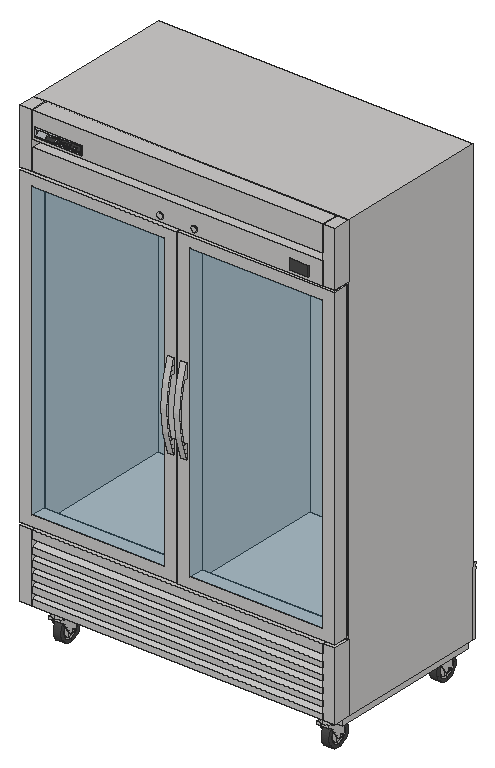
Revit family "QF_TRUE_TS-49G-HC~FGD01", category Specialty Equipment, Revit 2015 (continued)
Definition of nested family "TS-49G-HC-FGD01"
  Forms (in)
    Extrusion 54, solid, not visible
      sketch origin (26.98493, -26.8125, 73.375) x (-1, 0, 0) y (0, -1, 0)
        loop
          circle (24.44087, 1.81192) r 0.25
        loop
          circle (23.44087, 1.81192) r 0.25
      from 0 to 0.31015
    Extrusion 55, solid, not visible
      sketch origin (26.98493, -26.8125, 73.87265) x (-1, 0, 0) y (0, -1, 0)
        loop
          circle (26.09249, 1.82353) r 0.25
      from 0.00235 to -0.27708
    Extrusion 56, solid, not visible
      sketch origin (-0.01507, -26.8125, 19.12866) x (0, -1, 0) y (-1, 0, 0)
        loop
          line (0, -1.157) -> (2.06523, -1.11503)
          arc (2.06523, -1.11503) -> (2.48736, -0.68546) -> (2.06523, -0.25589) r 0.42963
          line (2.06523, -0.25589) -> (0, -0.21392) -> (0, -1.157)
        loop
          circle (2.05773, -0.68546) r 0.25
      from 0.00366 to 0.22057
    Extrusion 57, solid, not visible
      sketch origin (-0.01507, -26.8125, 19.12866) x (0, -1, 0) y (-1, 0, 0)
        loop
          circle (2.05773, -0.68546) r 0.25
      from 0.00366 to 0.29961
  Cuts and joins
    joined: Extrusion 1, Extrusion 7, Extrusion 9, Extrusion 14
  Lines and regions (in)
    symbolic lines
      curve 1: line (0, -29.8125, 0) -> (54.15625, -29.8125, 0)
      curve 2: line (0, 0.5, 0) -> (0, -29.8125, 0)
      curve 3: line (54.15625, 0.5, 0) -> (0, 0.5, 0)
      curve 4: line (54.15625, -29.8125, 0) -> (54.15625, 0.5, 0)
      curve 5: line (0, 0, 0) -> (54.15625, 0, 0)
      curve 6: line (0, -26.8125, 0) -> (54.15625, -26.8125, 0)
      curve 7: line (2, -29.8125, 0) -> (2, -26.8125, 0)
      curve 8: line (52.15625, -29.8125, 0) -> (52.15625, -26.8125, 0)
      curve 9: line (25.44851, -31.34375, 0) -> (25.44851, -29.8125, 0)
      curve 10: line (25.44851, -31.34375, 0) -> (26.45776, -31.34375, 0)
      curve 11: line (26.45776, -31.34375, 0) -> (26.45776, -29.8125, 0)
      curve 12: line (27.69849, -29.8125, 0) -> (27.69849, -31.34375, 0)
      curve 13: line (28.70774, -29.8125, 0) -> (28.70774, -31.34375, 0)
      curve 14: line (28.70774, -31.34375, 0) -> (27.69849, -31.34375, 0)
      curve 15: line (0, -29.8125, 0) -> (22.77628, -42.96239, 0)
      curve 16: arc (26.94851, -29.8125, 0) -> (25.72808, -36.66211, 0) -> (22.77628, -42.96239, 0) r 26.64931
      curve 17: line (54.15625, -29.8125, 0) -> (31.37997, -42.96239, 0)
      curve 18: arc (27.20774, -29.8125, 0) -> (28.42817, -36.66211, 0) -> (31.37997, -42.96239, 0) r 26.64931
  Dimensions and locks (in)
    equal spacing: plane 3 "LEFT", plane 7 "Center Y", plane 4 "RIGHT"
    plane 3 "LEFT" to plane 4 "RIGHT" = 54 5/32"
    equal spacing: plane 5 "FRONT", plane 8 "Center X", plane 1 "BACK"
    plane 5 "FRONT" to plane 1 "BACK" = 29 13/16"
    plane 6 "TOP" to level = 83 3/8"
    plane 6 "TOP" to plane 9 = 78 5/16"
    plane 9 to level = 5 1/16"
    plane 4 "RIGHT" to plane 3 "LEFT" = 54 5/32"
    plane 1 "BACK" to plane 10 = 1/2"
    plane 11 to plane 5 "FRONT" = 1 17/32"
    plane 10 to plane 11 = 31 27/32"
    plane 1 "BACK" to plane 14 = 55 1/4"
    plane 1 "BACK" to plane 15 = 55 1/4"
    plane 19 to Extrusion 2 = 1/4"
    plane 24 to Extrusion 16 = 1/4"
    aligned and locked: level to plane 2
  Automatic sketch dimensions
    Extrusion 2 sketch curve to Extrusion 2 sketch curve = 1 1/4"  (x2)
    Extrusion 2 sketch curve to Extrusion 2 sketch curve = 1"  (x7)
    Extrusion 2 sketch curve to Extrusion 2 sketch curve = 2"  (x2)
    Extrusion 2 sketch curve to Extrusion 2 sketch curve = 0"  (x9)
    Extrusion 2 sketch curve to Extrusion 2 sketch curve = 0.51258"
    Extrusion 2 sketch curve to Extrusion 2 sketch curve = 0.43712"
    Extrusion 4 sketch curve to Extrusion 2 = 0.97242"  (x2)
    Extrusion 2 to Extrusion 4 sketch curve = 22.14431"
    Extrusion 4 sketch curve to Extrusion 4 sketch curve = 5.86763"
    Extrusion 5 sketch curve to plane 14 = 0"  (x2)
    Extrusion 7 sketch curve to Extrusion 1 = 0"  (x3)
    Extrusion 1 to Extrusion 7 sketch curve = 0"  (x2)
    Extrusion 1 to Extrusion 7 sketch curve = 2"
    Extrusion 1 to Extrusion 7 sketch curve = 11 3/4"
    Extrusion 1 to Extrusion 7 sketch curve = 2 5/8"
    Extrusion 9 sketch curve to Extrusion 9 sketch curve = 2"
    Extrusion 10 sketch curve to Extrusion 10 sketch curve = 3 1/4"
    plane 12 to Extrusion 14 sketch curve = 3/16"
    Extrusion 14 sketch curve to plane 13 = 0"
    Extrusion 1 sketch curve to Extrusion 1 sketch curve = 2"
    Extrusion 1 sketch curve to Extrusion 1 sketch curve = 76 1/2"
    Extrusion 2 sketch curve to Extrusion 2 sketch curve = 4 1/2"
    Extrusion 2 sketch curve to Extrusion 2 sketch curve = 3 3/4"
    Extrusion 2 sketch curve to Extrusion 2 sketch curve = 55 1/4"
    Extrusion 2 sketch curve to Extrusion 2 sketch curve = 1 1/2"
    Extrusion 2 sketch curve to Extrusion 2 sketch curve = 2.0503"  (x2)
    Extrusion 2 sketch curve to Extrusion 2 sketch curve = 2.80755"
    Extrusion 2 sketch curve to Extrusion 2 sketch curve = 3"
    Extrusion 5 sketch curve to Extrusion 5 sketch curve = 25 7/16"
    Extrusion 5 sketch curve to Extrusion 5 sketch curve = 0"
    Extrusion 5 sketch curve to Extrusion 5 sketch curve = 1.20981"  (x2)
    Extrusion 5 sketch curve to Extrusion 5 sketch curve = 0.32668"
    Extrusion 5 sketch curve to Extrusion 5 sketch curve = 0.25923"
    Extrusion 5 sketch curve to Extrusion 5 sketch curve = 26.62183"
    Extrusion 9 sketch curve to Extrusion 9 sketch curve = 76 1/2"
    Extrusion 10 sketch curve to Extrusion 10 sketch curve = 1 3/4"
    Extrusion 11 sketch curve to Extrusion 11 sketch curve = 9 1/2"
    Extrusion 11 sketch curve to Extrusion 11 sketch curve = 55 1/4"
    Extrusion 11 sketch curve to Extrusion 11 sketch curve = 11 3/4"
    Extrusion 11 sketch curve to Extrusion 11 sketch curve = 0"
    Extrusion 11 sketch curve to Extrusion 11 sketch curve = 3"  (x2)
    Extrusion 12 sketch curve to Extrusion 12 sketch curve = 9 1/2"
    Extrusion 12 sketch curve to Extrusion 12 sketch curve = 55 1/4"
    Extrusion 12 sketch curve to Extrusion 12 sketch curve = 11 3/4"
    Extrusion 12 sketch curve to Extrusion 12 sketch curve = 0"
    Extrusion 12 sketch curve to Extrusion 12 sketch curve = 3"  (x2)
    Extrusion 16 sketch curve to Extrusion 16 sketch curve = 1 1/4"  (x2)
    Extrusion 16 sketch curve to Extrusion 16 sketch curve = 1"  (x7)
    Extrusion 16 sketch curve to Extrusion 16 sketch curve = 2"  (x2)
    Extrusion 16 sketch curve to Extrusion 16 sketch curve = 0"  (x9)
    Extrusion 16 sketch curve to Extrusion 16 sketch curve = 0.51258"
    Extrusion 16 sketch curve to Extrusion 16 sketch curve = 0.43712"
    Extrusion 18 sketch curve to Extrusion 16 = 0.97242"  (x2)
    Extrusion 16 to Extrusion 18 sketch curve = 22.14431"
    Extrusion 18 sketch curve to Extrusion 18 sketch curve = 5.86763"
    Extrusion 19 sketch curve to plane 18 = 0"  (x2)
    Extrusion 21 sketch curve to Extrusion 15 = 0"  (x3)
    Extrusion 15 to Extrusion 21 sketch curve = 0"  (x2)
    Extrusion 15 to Extrusion 21 sketch curve = 2"
    Extrusion 15 to Extrusion 21 sketch curve = 11 3/4"
    Extrusion 15 to Extrusion 21 sketch curve = 2 5/8"
    Extrusion 23 sketch curve to Extrusion 23 sketch curve = 2"
    Extrusion 24 sketch curve to Extrusion 24 sketch curve = 3 1/4"
    plane 16 to Extrusion 28 sketch curve = 3/16"
    Extrusion 28 sketch curve to plane 17 = 0"
    Extrusion 15 sketch curve to Extrusion 15 sketch curve = 2"
    Extrusion 15 sketch curve to Extrusion 15 sketch curve = 76 1/2"
    Extrusion 16 sketch curve to Extrusion 16 sketch curve = 4 1/2"
    Extrusion 16 sketch curve to Extrusion 16 sketch curve = 3 3/4"
    Extrusion 16 sketch curve to Extrusion 16 sketch curve = 55 1/4"
    Extrusion 16 sketch curve to Extrusion 16 sketch curve = 1 1/2"
    Extrusion 16 sketch curve to Extrusion 16 sketch curve = 2.0503"  (x2)
    Extrusion 16 sketch curve to Extrusion 16 sketch curve = 2.80755"
    Extrusion 16 sketch curve to Extrusion 16 sketch curve = 3"
    Extrusion 19 sketch curve to Extrusion 19 sketch curve = 25 7/16"
    Extrusion 19 sketch curve to Extrusion 19 sketch curve = 0"
    Extrusion 19 sketch curve to Extrusion 19 sketch curve = 1.20981"  (x2)
    Extrusion 19 sketch curve to Extrusion 19 sketch curve = 0.32668"
    Extrusion 19 sketch curve to Extrusion 19 sketch curve = 0.25923"
    Extrusion 19 sketch curve to Extrusion 19 sketch curve = 26.62183"
    Extrusion 23 sketch curve to Extrusion 23 sketch curve = 76 1/2"
    Extrusion 24 sketch curve to Extrusion 24 sketch curve = 1 3/4"
    Extrusion 25 sketch curve to Extrusion 25 sketch curve = 9 1/2"
    Extrusion 25 sketch curve to Extrusion 25 sketch curve = 55 1/4"
    Extrusion 25 sketch curve to Extrusion 25 sketch curve = 11 3/4"
    Extrusion 25 sketch curve to Extrusion 25 sketch curve = 0"
    Extrusion 25 sketch curve to Extrusion 25 sketch curve = 3"  (x2)
    Extrusion 26 sketch curve to Extrusion 26 sketch curve = 9 1/2"
    Extrusion 26 sketch curve to Extrusion 26 sketch curve = 55 1/4"
    Extrusion 26 sketch curve to Extrusion 26 sketch curve = 11 3/4"
    Extrusion 26 sketch curve to Extrusion 26 sketch curve = 0"
    Extrusion 26 sketch curve to Extrusion 26 sketch curve = 3"  (x2)
    Extrusion 6 to Extrusion 29 sketch curve = 4.84595"
    Extrusion 6 to Extrusion 29 sketch curve = 27 5/64"
    curve 1 to plane 3 "LEFT" = 0"
    plane 5 "FRONT" to curve 7 = 0"
    plane 11 to curve 12 = 0"
    curve 1 to plane 4 "RIGHT" = 0"
    plane 1 "BACK" to curve 5 = 0"
    curve 3 to plane 10 = 0"
    plane 3 "LEFT" to curve 16 = 0.32668"
    curve 15 to plane 7 "Center Y" = 4.30184"
    plane 11 to curve 9 = 0"
    curve 9 to plane 7 "Center Y" = 1.62962"
    curve 11 to plane 7 "Center Y" = 0.62037"
    plane 7 "Center Y" to curve 12 = 0.62037"
    curve 12 to curve 14 = 1.00925"
    plane 7 "Center Y" to curve 17 = 4.30184"
    plane 4 "RIGHT" to curve 18 = 0.32668"
    plane 11 to curve 15 = 11.61864"
    curve 15 to curve 17 = 0"
    curve 18 to plane 5 "FRONT" = 1.20981"
    curve 16 to plane 5 "FRONT" = 1.20981"
    plane 3 "LEFT" to curve 7 = 2"
    plane 4 "RIGHT" to curve 8 = 2"
    curve 18 to curve 8 = 1.79019"
    Extrusion 14 sketch curve to Extrusion 14 sketch curve = 2"
    Extrusion 8 sketch curve to Extrusion 8 sketch curve = 2"  (x4)
    Extrusion 8 sketch curve to Extrusion 8 sketch curve = 22.94851"  (x2)
    Extrusion 8 sketch curve to Extrusion 8 sketch curve = 0.25923"
    Extrusion 8 sketch curve to Extrusion 8 sketch curve = 0"  (x2)
    Extrusion 8 sketch curve to Extrusion 8 sketch curve = 1 3/4"  (x4)
    Extrusion 8 sketch curve to Extrusion 8 sketch curve = 50 3/4"
    Extrusion 3 sketch curve to Extrusion 3 sketch curve = 22.94851"  (x2)
    Extrusion 3 sketch curve to Extrusion 3 sketch curve = 4.25923"
    Extrusion 3 sketch curve to Extrusion 3 sketch curve = 0"  (x2)
    Extrusion 3 sketch curve to Extrusion 3 sketch curve = 50 3/4"
    Extrusion 30 sketch curve to plane 20 = 0"
    plane 21 to Extrusion 30 sketch curve = 0"
    Extrusion 30 sketch curve to plane 20 = 2 1/2"
    Extrusion 30 sketch curve to plane 21 = 2 1/2"
    Extrusion 30 sketch curve to Extrusion 30 sketch curve = 0.60964"  (x2)
    Extrusion 30 sketch curve to Extrusion 30 sketch curve = 17.54993"
    Extrusion 30 sketch curve to Extrusion 30 sketch curve = 0.05175"
    Extrusion 31 sketch curve to plane 22 = 0"
    plane 23 to Extrusion 31 sketch curve = 0"
    Extrusion 31 sketch curve to plane 22 = 2 1/2"
    Extrusion 31 sketch curve to plane 23 = 2 1/2"
    Extrusion 31 sketch curve to Extrusion 31 sketch curve = 0.60964"  (x2)
    Extrusion 31 sketch curve to Extrusion 31 sketch curve = 17.54993"
    Extrusion 31 sketch curve to Extrusion 31 sketch curve = 0.05054"
    Extrusion 30 sketch curve to Extrusion 30 sketch curve = 0"
    Extrusion 31 sketch curve to Extrusion 31 sketch curve = 0"
    Extrusion 28 sketch curve to Extrusion 28 sketch curve = 2"
    Extrusion 22 sketch curve to Extrusion 22 sketch curve = 2"  (x4)
    Extrusion 22 sketch curve to Extrusion 22 sketch curve = 22.94851"  (x2)
    Extrusion 22 sketch curve to Extrusion 22 sketch curve = 0.25923"
    Extrusion 22 sketch curve to Extrusion 22 sketch curve = 0"  (x2)
    Extrusion 22 sketch curve to Extrusion 22 sketch curve = 1 3/4"  (x4)
    Extrusion 22 sketch curve to Extrusion 22 sketch curve = 50 3/4"
    Extrusion 17 sketch curve to Extrusion 17 sketch curve = 22.94851"  (x2)
    Extrusion 17 sketch curve to Extrusion 17 sketch curve = 4.25923"
    Extrusion 17 sketch curve to Extrusion 17 sketch curve = 0"  (x2)
    Extrusion 17 sketch curve to Extrusion 17 sketch curve = 50 3/4"
    Extrusion 6 sketch curve to Extrusion 1 = 0"  (x2)
    Extrusion 6 sketch curve to Extrusion 1 = 3/8"
    Extrusion 6 sketch curve to Extrusion 6 sketch curve = 10.68144"
    Extrusion 6 sketch curve to Extrusion 6 sketch curve = 0.34482"
    Extrusion 6 sketch curve to Extrusion 6 sketch curve = 0.3805"
    Extrusion 6 sketch curve to Extrusion 6 sketch curve = 0.16647"
    Extrusion 6 sketch curve to Extrusion 1 = 0.32496"
    Extrusion 6 sketch curve to Extrusion 6 sketch curve = 0.17678"
    Extrusion 6 sketch curve to Extrusion 6 sketch curve = 0.14819"
    Extrusion 6 sketch curve to Extrusion 6 sketch curve = 0"
    Extrusion 6 sketch curve to Extrusion 6 sketch curve = 1/8"
    Extrusion 6 sketch curve to Extrusion 6 sketch curve = 0.17504"
    Extrusion 20 sketch curve to Extrusion 15 = 0"  (x2)
    Extrusion 20 sketch curve to Extrusion 15 = 3/8"
    Extrusion 20 sketch curve to Extrusion 20 sketch curve = 10.68144"
    Extrusion 20 sketch curve to Extrusion 20 sketch curve = 0.34482"
    Extrusion 20 sketch curve to Extrusion 20 sketch curve = 0.3805"
    Extrusion 20 sketch curve to Extrusion 20 sketch curve = 0.16647"
    Extrusion 20 sketch curve to Extrusion 15 = 0.32496"
    Extrusion 20 sketch curve to Extrusion 20 sketch curve = 0.17678"
    Extrusion 20 sketch curve to Extrusion 20 sketch curve = 0.14819"
    Extrusion 20 sketch curve to Extrusion 20 sketch curve = 0"
    Extrusion 20 sketch curve to Extrusion 20 sketch curve = 1/8"
    Extrusion 20 sketch curve to Extrusion 20 sketch curve = 0.17504"
    Extrusion 13 sketch curve to Extrusion 1 = 1/4"  (x2)
    Extrusion 13 sketch curve to Extrusion 1 = 11 1/2"  (x2)
    Extrusion 1 to Extrusion 13 sketch curve = 23.19851"
    Extrusion 13 sketch curve to Extrusion 13 sketch curve = 1 1/2"  (x3)
    Extrusion 13 sketch curve to Extrusion 13 sketch curve = 23.44851"
    Extrusion 13 sketch curve to Extrusion 13 sketch curve = 1.37134"  (x3)
    Extrusion 13 sketch curve to Extrusion 13 sketch curve = 0"  (x2)
    Extrusion 13 sketch curve to Extrusion 13 sketch curve = 0.75923"
    Extrusion 13 sketch curve to Extrusion 1 = 13 3/4"
    Extrusion 27 sketch curve to Extrusion 15 = 1/4"  (x2)
    Extrusion 27 sketch curve to Extrusion 15 = 11 1/2"  (x2)
    Extrusion 15 to Extrusion 27 sketch curve = 23.19851"
    Extrusion 27 sketch curve to Extrusion 27 sketch curve = 1 1/2"  (x3)
    Extrusion 27 sketch curve to Extrusion 27 sketch curve = 23.44851"
    Extrusion 27 sketch curve to Extrusion 27 sketch curve = 1.37134"  (x3)
    Extrusion 27 sketch curve to Extrusion 27 sketch curve = 0"  (x2)
    Extrusion 27 sketch curve to Extrusion 27 sketch curve = 0.75923"
    Extrusion 27 sketch curve to Extrusion 15 = 13 3/4"
    Extrusion 34 sketch curve to Extrusion 34 sketch curve = 52 5/32"
    Extrusion 34 sketch curve to Extrusion 34 sketch curve = 1 13/16"
    Extrusion 35 sketch curve to Extrusion 35 sketch curve = 52 5/32"
    Extrusion 35 sketch curve to Extrusion 35 sketch curve = 1 13/16"
    Extrusion 36 sketch curve to Extrusion 36 sketch curve = 0.37938"
    Extrusion 36 sketch curve to Extrusion 36 sketch curve = 1"
    Extrusion 36 sketch curve to Extrusion 36 sketch curve = 1.65026"
    Extrusion 36 sketch curve to Extrusion 36 sketch curve = 0.43546"
    Extrusion 36 sketch curve to Extrusion 36 sketch curve = 0.50522"
    Extrusion 36 sketch curve to Extrusion 36 sketch curve = 0.51683"  (x2)
    Extrusion 36 sketch curve to Extrusion 36 sketch curve = 0.53428"
    Extrusion 37 sketch curve to Extrusion 37 sketch curve = 1"
    Extrusion 37 sketch curve to Extrusion 37 sketch curve = 0"
    Extrusion 39 sketch curve to Extrusion 39 sketch curve = 0.0411"
    Extrusion 39 sketch curve to Extrusion 39 sketch curve = 0.54506"
    Extrusion 39 sketch curve to Extrusion 39 sketch curve = 0.91779"
    Extrusion 39 sketch curve to Extrusion 39 sketch curve = 0.45494"
    Extrusion 39 sketch curve to Extrusion 39 sketch curve = 17/32"
    Extrusion 39 sketch curve to Extrusion 39 sketch curve = 1.82353"
    Extrusion 40 sketch curve to Extrusion 40 sketch curve = 0"  (x3)
    Extrusion 40 sketch curve to Extrusion 40 sketch curve = 0.0075"
    Extrusion 40 sketch curve to Extrusion 40 sketch curve = 2.06523"
    Extrusion 40 sketch curve to Extrusion 40 sketch curve = 0.04197"
    Extrusion 40 sketch curve to Extrusion 40 sketch curve = 0.42957"
    Extrusion 40 sketch curve to Extrusion 40 sketch curve = 0.94308"
    Extrusion 42 sketch curve to Extrusion 42 sketch curve = 0.37938"
    Extrusion 42 sketch curve to Extrusion 42 sketch curve = 1"
    Extrusion 42 sketch curve to Extrusion 42 sketch curve = 1.65026"
    Extrusion 42 sketch curve to Extrusion 42 sketch curve = 0.43546"
    Extrusion 42 sketch curve to Extrusion 42 sketch curve = 0.53428"  (x2)
    Extrusion 42 sketch curve to Extrusion 42 sketch curve = 0.5459"
    Extrusion 42 sketch curve to Extrusion 42 sketch curve = 0.51683"
    Extrusion 43 sketch curve to Extrusion 43 sketch curve = 1"
    Extrusion 43 sketch curve to Extrusion 43 sketch curve = 0"
    Extrusion 44 sketch curve to Extrusion 44 sketch curve = 0"  (x2)
    Extrusion 44 sketch curve to Extrusion 44 sketch curve = 1/4"
    Extrusion 45 sketch curve to Extrusion 45 sketch curve = 0"  (x2)
    Extrusion 45 sketch curve to Extrusion 45 sketch curve = 2.05773"
    Extrusion 45 sketch curve to Extrusion 45 sketch curve = 0.0075"  (x2)
    Extrusion 45 sketch curve to Extrusion 45 sketch curve = 0.04197"
    Extrusion 45 sketch curve to Extrusion 45 sketch curve = 0.42957"
    Extrusion 45 sketch curve to Extrusion 45 sketch curve = 0.94308"
    Extrusion 47 sketch curve to Extrusion 47 sketch curve = 0.37938"
    Extrusion 47 sketch curve to Extrusion 47 sketch curve = 1"
    Extrusion 47 sketch curve to Extrusion 47 sketch curve = 1.65026"
    Extrusion 47 sketch curve to Extrusion 47 sketch curve = 0.43546"
    Extrusion 47 sketch curve to Extrusion 47 sketch curve = 0.50522"
    Extrusion 47 sketch curve to Extrusion 47 sketch curve = 0.51683"  (x2)
    Extrusion 47 sketch curve to Extrusion 47 sketch curve = 0.53428"
    Extrusion 48 sketch curve to Extrusion 48 sketch curve = 1"
    Extrusion 48 sketch curve to Extrusion 48 sketch curve = 0"
    Extrusion 50 sketch curve to Extrusion 50 sketch curve = 0.0411"
    Extrusion 50 sketch curve to Extrusion 50 sketch curve = 0.54506"
    Extrusion 50 sketch curve to Extrusion 50 sketch curve = 0.91779"
    Extrusion 50 sketch curve to Extrusion 50 sketch curve = 0.45494"
    Extrusion 50 sketch curve to Extrusion 50 sketch curve = 17/32"
    Extrusion 50 sketch curve to Extrusion 50 sketch curve = 1.82353"
    Extrusion 51 sketch curve to Extrusion 51 sketch curve = 0"  (x3)
    Extrusion 51 sketch curve to Extrusion 51 sketch curve = 0.0075"
    Extrusion 51 sketch curve to Extrusion 51 sketch curve = 2.06523"
    Extrusion 51 sketch curve to Extrusion 51 sketch curve = 0.04197"
    Extrusion 51 sketch curve to Extrusion 51 sketch curve = 0.42957"
    Extrusion 51 sketch curve to Extrusion 51 sketch curve = 0.94308"
    Extrusion 53 sketch curve to Extrusion 53 sketch curve = 0.37938"
    Extrusion 53 sketch curve to Extrusion 53 sketch curve = 1"
    Extrusion 53 sketch curve to Extrusion 53 sketch curve = 1.65026"
    Extrusion 53 sketch curve to Extrusion 53 sketch curve = 0.43546"
    Extrusion 53 sketch curve to Extrusion 53 sketch curve = 0.53428"  (x2)
    Extrusion 53 sketch curve to Extrusion 53 sketch curve = 0.5459"
    Extrusion 53 sketch curve to Extrusion 53 sketch curve = 0.51683"
    Extrusion 54 sketch curve to Extrusion 54 sketch curve = 1"
    Extrusion 54 sketch curve to Extrusion 54 sketch curve = 0"
    Extrusion 55 sketch curve to Extrusion 55 sketch curve = 0"  (x2)
    Extrusion 55 sketch curve to Extrusion 55 sketch curve = 1/4"
    Extrusion 56 sketch curve to Extrusion 56 sketch curve = 0"  (x2)
    Extrusion 56 sketch curve to Extrusion 56 sketch curve = 2.05773"
    Extrusion 56 sketch curve to Extrusion 56 sketch curve = 0.0075"  (x2)
    Extrusion 56 sketch curve to Extrusion 56 sketch curve = 0.04197"
    Extrusion 56 sketch curve to Extrusion 56 sketch curve = 0.42957"
    Extrusion 56 sketch curve to Extrusion 56 sketch curve = 0.94308"
    radius of Extrusion 4 sketch curve = 1/2"  (x2)
    radius of Extrusion 18 sketch curve = 1/2"  (x2)
    radius of Extrusion 29 sketch curve = 1/4"
    radius of Extrusion 36 sketch curve = 1/4"  (x3)
    radius of Extrusion 37 sketch curve = 1/4"  (x2)
    radius of Extrusion 38 sketch curve to Extrusion 39 = 0"
    radius of Extrusion 39 sketch curve = 1/4"
    radius of Extrusion 40 sketch curve = 1/4"
    radius of Extrusion 41 sketch curve = 1/4"
    radius of Extrusion 42 sketch curve = 1/4"  (x3)
    radius of Extrusion 43 sketch curve = 1/4"  (x2)
    radius of Extrusion 45 sketch curve = 1/4"
    radius of Extrusion 46 sketch curve = 1/4"
    radius of Extrusion 47 sketch curve = 1/4"  (x3)
    radius of Extrusion 48 sketch curve = 1/4"  (x2)
    radius of Extrusion 49 sketch curve to Extrusion 50 = 0"
    radius of Extrusion 50 sketch curve = 1/4"
    radius of Extrusion 51 sketch curve = 1/4"
    radius of Extrusion 52 sketch curve = 1/4"
    radius of Extrusion 53 sketch curve = 1/4"  (x3)
    radius of Extrusion 54 sketch curve = 1/4"  (x2)
    radius of Extrusion 56 sketch curve = 1/4"
    radius of Extrusion 57 sketch curve = 1/4"
  Nested families (in)
    nested 1: "QF_LOGO_TRUE" at (2.5, -29.8125, 79.375), Show Logo <- "Show Logo", type "QF_LOGO_TRUE", detail levels medium+fine
      with Show Logo yes
  Definition of nested family "QF_LOGO_TRUE"
    Parameters (values of type "QF_LOGO_TRUE")
      Show Logo [instance] = yes
    Reference planes (in)
      plane 1 "Center (Front/Back)": y = 0
      plane 2: z = 0
      plane 3 "Center (Left/Right)": x = 0
    Forms (in)
      Extrusion 1, solid, visible <- "Show Logo", detail levels medium+fine
        sketch origin (-78.34647, 34.76905, -30.51001) x (1, 0, 0) y (0, 0, 1)
          loop
            line (81.15226, 31.65456) -> (81.07353, 31.48573) -> (82.12083, 31.48573)
            arc (82.12083, 31.48573) -> (82.14208, 31.44814) -> (82.12083, 31.41055) r 0.04386
            line (82.12083, 31.41055) -> (81.84767, 30.82478)
            arc (81.84767, 30.82478) -> (81.84531, 30.77052) -> (81.882, 30.73048) r 0.07096
            line (81.882, 30.73048) -> (82.55165, 30.73048)
            arc (82.55165, 30.73048) -> (82.63621, 30.75714) -> (82.69019, 30.82748) r 0.14742
            line (82.69019, 30.82748) -> (82.90515, 31.28847) -> (83.10265, 31.28847)
            arc (83.10265, 31.28847) -> (83.15447, 31.26942) -> (83.14697, 31.21472) r 0.04405
            line (83.14697, 31.21472) -> (82.9671, 30.82899)
            arc (82.9671, 30.82899) -> (82.9699, 30.76493) -> (83.02398, 30.73048) r 0.06943
            line (83.02398, 30.73048) -> (83.6124, 30.73048)
            arc (83.6124, 30.73048) -> (83.65748, 30.74689) -> (83.68147, 30.78844) r 0.07014
            arc (83.68147, 30.78844) -> (83.69845, 30.74745) -> (83.73943, 30.73048) r 0.05796
            line (83.73943, 30.73048) -> (84.112, 30.73048)
            arc (84.112, 30.73048) -> (84.15504, 30.74201) -> (84.18655, 30.77352) r 0.08608
            arc (84.18655, 30.77352) -> (84.20164, 30.7371) -> (84.23806, 30.72202) r 0.0515
            line (84.23806, 30.72202) -> (84.76757, 30.72202)
            arc (84.76757, 30.72202) -> (84.81086, 30.73995) -> (84.8288, 30.78324) r 0.06122
            arc (84.8288, 30.78324) -> (84.86848, 30.74355) -> (84.92269, 30.72903) r 0.10842
            line (84.92269, 30.72903) -> (85.91461, 30.72903) -> (86.02479, 30.91987) -> (85.0243, 30.91987)
            arc (85.0243, 30.91987) -> (84.99669, 30.93902) -> (84.99566, 30.97261) r 0.03732
            line (84.99566, 30.97261) -> (85.01297, 31.00972)
            arc (85.01297, 31.00972) -> (85.03954, 31.04453) -> (85.0813, 31.05774) r 0.07263
            line (85.0813, 31.05774) -> (85.40289, 31.05774)
            arc (85.40289, 31.05774) -> (85.4723, 31.07633) -> (85.52311, 31.12715) r 0.13882
            line (85.52311, 31.12715) -> (85.61625, 31.28847)
            arc (85.61625, 31.28847) -> (85.61625, 31.37458) -> (85.54168, 31.41763) r 0.08611
            line (85.54168, 31.41763) -> (85.20227, 31.41763)
            arc (85.20227, 31.41763) -> (85.11574, 31.40294) -> (85.05538, 31.33923) r 0.13863
            line (85.05538, 31.33923) -> (84.89409, 30.99333)
            arc (84.89409, 30.99333) -> (84.84649, 30.9313) -> (84.77191, 30.90778) r 0.13002
            line (84.77191, 30.90778) -> (84.41984, 30.90778)
            arc (84.41984, 30.90778) -> (84.3777, 30.95378) -> (84.38042, 31.0161) r 0.08151
            line (84.38042, 31.0161) -> (84.56766, 31.41763) -> (84.44849, 31.41763) -> (84.25012, 30.99222)
            arc (84.25012, 30.99222) -> (84.21158, 30.94199) -> (84.15119, 30.92296) r 0.10527
            line (84.15119, 30.92296) -> (83.90842, 30.92296)
            arc (83.90842, 30.92296) -> (83.8674, 30.97642) -> (83.87619, 31.04323) r 0.08805
            line (83.87619, 31.04323) -> (84.05078, 31.41763) -> (83.92772, 31.41763) -> (83.72676, 30.98668)
            arc (83.72676, 30.98668) -> (83.68011, 30.94003) -> (83.61639, 30.92296) r 0.12745
            line (83.61639, 30.92296) -> (83.26484, 30.92296)
            arc (83.26484, 30.92296) -> (83.2017, 30.9524) -> (83.19563, 31.0218) r 0.06967
            line (83.19563, 31.0218) -> (83.31118, 31.26961) -> (83.47452, 31.26961)
            arc (83.47452, 31.26961) -> (83.50209, 31.35268) -> (83.56075, 31.41763) r 0.21289
            line (83.56075, 31.41763) -> (82.92244, 31.41763)
            arc (82.92244, 31.41763) -> (82.85151, 31.40191) -> (82.80242, 31.34834) r 0.12081
            line (82.80242, 31.34834) -> (82.6294, 30.9773)
            arc (82.6294, 30.9773) -> (82.58962, 30.93752) -> (82.53528, 30.92296) r 0.10869
            line (82.53528, 30.92296) -> (82.1542, 30.92296)
            arc (82.1542, 30.92296) -> (82.12446, 30.96315) -> (82.13012, 31.01283) r 0.06822
            line (82.13012, 31.01283) -> (82.38156, 31.48573) -> (83.01596, 31.48573) -> (83.09469, 31.65456) -> (82.46029, 31.65456) -> (82.53902, 31.8234) -> (82.31334, 31.8234) -> (82.23461, 31.65456) -> (81.15226, 31.65456)
          loop
            arc (85.15937, 31.26434) -> (85.13191, 31.25698) -> (85.1118, 31.23688) r 0.05494
            line (85.1118, 31.23688) -> (85.09547, 31.18665)
            arc (85.09547, 31.18665) -> (85.10304, 31.16837) -> (85.12133, 31.16079) r 0.02586
            line (85.12133, 31.16079) -> (85.39889, 31.16079)
            arc (85.39889, 31.16079) -> (85.41888, 31.16523) -> (85.43513, 31.1777) r 0.04731
            line (85.43513, 31.1777) -> (85.44863, 31.2402)
            arc (85.44863, 31.2402) -> (85.44466, 31.25693) -> (85.42914, 31.26434) r 0.01994
            line (85.42914, 31.26434) -> (85.15937, 31.26434)
          loop
            line (78.62961, 30.74125) -> (80.12032, 30.74125) -> (80.73891, 31.81268) -> (79.2482, 31.81268) -> (78.62961, 30.74125)
        from 34.76797 to 34.83173
      Extrusion 2, solid, visible <- "Show Logo", detail levels medium+fine
        sketch origin (-142.84857, 34.75108, -33.3546) x (1, 0, 0) y (0, 0, 1)
          loop
            line (150.81107, 34.71978) -> (142.98607, 34.71978) -> (142.98607, 33.4921) -> (150.81107, 33.4921) -> (150.81107, 34.71978)
        from 34.75108 to 34.78125
      Extrusion 3, solid, visible <- "Show Logo", detail levels medium+fine
        sketch origin (-142.84857, 34.75108, -33.3546) x (1, 0, 0) y (0, 0, 1)
          loop
            line (150.94857, 34.85727) -> (142.84857, 34.85727) -> (142.84857, 33.3546) -> (150.94857, 33.3546) -> (150.94857, 34.85727)
          loop
            line (142.98607, 34.71978) -> (142.98607, 33.4921) -> (150.81107, 33.4921) -> (150.81107, 34.71978) -> (142.98607, 34.71978)
        from 34.75108 to 34.81376
      Extrusion 4, solid, not visible
        sketch origin (121.45701, -16.5, 4.98235) x (1, 0, 0) y (0, 0, 1)
          loop
            line (25.20115, 35.89949) -> (25.20115, 33.96647) -> (30.95381, 33.96647) -> (30.95381, 35.89949) -> (25.20115, 35.89949)
        from 31.5 to 31.54261
      Extrusion 5, solid, not visible
        sketch origin (121.45701, -16.5, 4.98235) x (1, 0, 0) y (0, 0, 1)
          loop
            line (26.7387, 34.95472) -> (26.61492, 34.49276) -> (27.038, 34.49276)
            arc (27.038, 34.49276) -> (27.13117, 34.52484) -> (27.18485, 34.60749) r 0.15134
            arc (27.18485, 34.60749) -> (27.20396, 34.68138) -> (27.22435, 34.75493) r 4.37326
            arc (27.22435, 34.75493) -> (27.23458, 34.81765) -> (27.22435, 34.88037) r 0.1974
            arc (27.22435, 34.88037) -> (27.18247, 34.93579) -> (27.11563, 34.95472) r 0.10914
            line (27.11563, 34.95472) -> (26.7387, 34.95472)
          loop
            line (26.90201, 34.80638) -> (26.84645, 34.59903) -> (26.92855, 34.59903)
            arc (26.92855, 34.59903) -> (26.98205, 34.6185) -> (27.01051, 34.6678) r 0.08322
            line (27.01051, 34.6678) -> (27.02399, 34.74424)
            arc (27.02399, 34.74424) -> (27.01491, 34.78454) -> (26.97985, 34.80638) r 0.05353
            line (26.97985, 34.80638) -> (26.90201, 34.80638)
          loop
            line (27.45336, 34.66131) -> (27.76233, 34.66131) -> (27.78859, 34.73909)
            arc (27.78859, 34.73909) -> (27.7878, 34.82039) -> (27.73107, 34.87864) r 0.10925
            arc (27.73107, 34.87864) -> (27.68233, 34.8944) -> (27.63139, 34.89974) r 0.24595
            line (27.63139, 34.89974) -> (27.46708, 34.89974)
            arc (27.46708, 34.89974) -> (27.4068, 34.88073) -> (27.3535, 34.84677) r 0.2421
            arc (27.3535, 34.84677) -> (27.2897, 34.76363) -> (27.26702, 34.66131) r 0.2421
            line (27.26702, 34.66131) -> (27.26702, 34.54477)
            arc (27.26702, 34.54477) -> (27.31618, 34.4956) -> (27.38334, 34.47761) r 0.13431
            line (27.38334, 34.47761) -> (27.59054, 34.47761)
            arc (27.59054, 34.47761) -> (27.63459, 34.48281) -> (27.67622, 34.49812) r 0.18924
            line (27.67622, 34.49812) -> (27.73102, 34.61563)
            arc (27.73102, 34.61563) -> (27.68453, 34.59565) -> (27.63566, 34.58252) r 0.35376
            arc (27.63566, 34.58252) -> (27.55885, 34.56956) -> (27.48204, 34.58252) r 0.23415
            arc (27.48204, 34.58252) -> (27.44492, 34.61362) -> (27.45336, 34.66131) r 0.04838
          loop
            line (27.4842, 34.73042) -> (27.62012, 34.73042) -> (27.62621, 34.76496)
            arc (27.62621, 34.76496) -> (27.58961, 34.80242) -> (27.53739, 34.80638) r 0.0742
            arc (27.53739, 34.80638) -> (27.49747, 34.77773) -> (27.4842, 34.73042) r 0.0742
          loop
            line (27.91616, 34.97572) -> (27.78675, 34.49276) -> (27.98645, 34.49276) -> (28.11586, 34.97572) -> (27.91616, 34.97572)
          loop
            line (28.13678, 34.66131) -> (28.08755, 34.47761) -> (28.27134, 34.47761) -> (28.32056, 34.66131) -> (28.43674, 34.66131) -> (28.47974, 34.78864) -> (28.36519, 34.78864)
            arc (28.36519, 34.78864) -> (28.35733, 34.81649) -> (28.36921, 34.84288) r 0.04231
            arc (28.36921, 34.84288) -> (28.431, 34.8652) -> (28.49617, 34.85686) r 0.13988
            line (28.49617, 34.85686) -> (28.53544, 34.97317)
            arc (28.53544, 34.97317) -> (28.39725, 34.99096) -> (28.25905, 34.97317) r 0.54546
            arc (28.25905, 34.97317) -> (28.20849, 34.91994) -> (28.18197, 34.85147) r 0.1894
            line (28.18197, 34.85147) -> (28.17089, 34.78864) -> (28.11397, 34.78864) -> (28.07985, 34.66131) -> (28.13678, 34.66131)
          loop
            arc (28.74846, 34.89756) -> (28.65884, 34.88533) -> (28.56922, 34.89756) r 0.33455
            line (28.56922, 34.89756) -> (28.45669, 34.47761) -> (28.63593, 34.47761) -> (28.74846, 34.89756)
          loop
            arc (28.60398, 35.01195) -> (28.57699, 34.97173) -> (28.60398, 34.9315) r 0.04347
            line (28.60398, 34.9315) -> (28.75755, 34.9315)
            arc (28.75755, 34.9315) -> (28.78645, 34.96687) -> (28.77911, 35.01195) r 0.0556
            line (28.77911, 35.01195) -> (28.60398, 35.01195)
          loop
            line (28.95336, 34.66131) -> (29.26233, 34.66131) -> (29.28859, 34.73909)
            arc (29.28859, 34.73909) -> (29.2878, 34.82039) -> (29.23107, 34.87864) r 0.10925
            arc (29.23107, 34.87864) -> (29.18233, 34.8944) -> (29.13139, 34.89974) r 0.24595
            line (29.13139, 34.89974) -> (28.96708, 34.89974)
            arc (28.96708, 34.89974) -> (28.9068, 34.88073) -> (28.8535, 34.84677) r 0.2421
            arc (28.8535, 34.84677) -> (28.7897, 34.76363) -> (28.76702, 34.66131) r 0.2421
            line (28.76702, 34.66131) -> (28.76702, 34.54477)
            arc (28.76702, 34.54477) -> (28.81618, 34.4956) -> (28.88334, 34.47761) r 0.13431
            line (28.88334, 34.47761) -> (29.09054, 34.47761)
            arc (29.09054, 34.47761) -> (29.13459, 34.48281) -> (29.17622, 34.49812) r 0.18924
            line (29.17622, 34.49812) -> (29.23102, 34.61563)
            arc (29.23102, 34.61563) -> (29.18453, 34.59565) -> (29.13566, 34.58252) r 0.35376
            arc (29.13566, 34.58252) -> (29.05885, 34.56956) -> (28.98204, 34.58252) r 0.23415
            arc (28.98204, 34.58252) -> (28.94492, 34.61362) -> (28.95336, 34.66131) r 0.04838
          loop
            line (28.9842, 34.73042) -> (29.12012, 34.73042) -> (29.12621, 34.76496)
            arc (29.12621, 34.76496) -> (29.08961, 34.80242) -> (29.03739, 34.80638) r 0.0742
            arc (29.03739, 34.80638) -> (28.99747, 34.77773) -> (28.9842, 34.73042) r 0.0742
          loop
            line (29.41616, 34.97572) -> (29.28675, 34.49276) -> (29.48645, 34.49276) -> (29.61586, 34.97572) -> (29.41616, 34.97572)
          loop
            line (29.99836, 34.97572) -> (29.95192, 34.80242)
            arc (29.95192, 34.80242) -> (29.94473, 34.85705) -> (29.90102, 34.89059) r 0.07199
            arc (29.90102, 34.89059) -> (29.80023, 34.89941) -> (29.70251, 34.87322) r 0.29131
            arc (29.70251, 34.87322) -> (29.61806, 34.7652) -> (29.5896, 34.63108) r 0.30433
            line (29.5896, 34.63108) -> (29.5896, 34.55572)
            arc (29.5896, 34.55572) -> (29.61075, 34.50463) -> (29.66184, 34.48348) r 0.07224
            line (29.66184, 34.48348) -> (29.78537, 34.48348)
            arc (29.78537, 34.48348) -> (29.83854, 34.51313) -> (29.88504, 34.55243) r 0.31609
            line (29.88504, 34.55243) -> (29.86905, 34.49276) -> (30.05973, 34.49276) -> (30.18914, 34.97572) -> (29.99836, 34.97572)
          loop
            arc (29.84537, 34.75931) -> (29.79424, 34.71128) -> (29.77745, 34.64317) r 0.12371
            arc (29.77745, 34.64317) -> (29.80071, 34.59901) -> (29.85056, 34.59647) r 0.05045
            arc (29.85056, 34.59647) -> (29.90141, 34.64047) -> (29.92536, 34.7033) r 0.13769
            arc (29.92536, 34.7033) -> (29.90211, 34.75521) -> (29.84537, 34.75931) r 0.05543
          loop
            line (26.45047, 35.26762) -> (26.58211, 35.26762)
            arc (26.58211, 35.26762) -> (26.60467, 35.30821) -> (26.62126, 35.35157) r 0.3277
            arc (26.62126, 35.35157) -> (26.62714, 35.39992) -> (26.60877, 35.44503) r 0.09693
            arc (26.60877, 35.44503) -> (26.56454, 35.48868) -> (26.50462, 35.50516) r 0.12312
            arc (26.50462, 35.50516) -> (26.44158, 35.50565) -> (26.37854, 35.50546) r 5.76967
            arc (26.37854, 35.50546) -> (26.07462, 35.42923) -> (25.81045, 35.26076) r 0.97743
            line (25.81045, 35.26076) -> (25.85921, 35.26076)
            arc (25.85921, 35.26076) -> (26.08494, 35.39361) -> (26.3396, 35.45485) r 0.88817
            arc (26.3396, 35.45485) -> (26.41429, 35.44188) -> (26.47267, 35.39352) r 0.14748
            arc (26.47267, 35.39352) -> (26.48041, 35.32725) -> (26.45047, 35.26762) r 0.11636
          loop
            arc (26.35412, 35.17841) -> (26.19578, 35.0555) -> (26.00982, 34.98069) r 0.72453
            arc (26.00982, 34.98069) -> (25.9036, 34.95581) -> (25.79459, 34.9604) r 0.40201
            arc (25.79459, 34.9604) -> (25.7275, 34.98819) -> (25.69972, 35.05528) r 0.09488
            arc (25.69972, 35.05528) -> (25.71867, 35.12629) -> (25.77049, 35.17841) r 0.1425
            line (25.77049, 35.17841) -> (25.73665, 35.18748)
            arc (25.73665, 35.18748) -> (25.67632, 35.09876) -> (25.66924, 34.99171) r 0.20432
            arc (25.66924, 34.99171) -> (25.71443, 34.9227) -> (25.79473, 34.90384) r 0.11116
            arc (25.79473, 34.90384) -> (25.91172, 34.89904) -> (26.02716, 34.91862) r 0.56145
            arc (26.02716, 34.91862) -> (26.27675, 35.021) -> (26.49584, 35.17841) r 1.15683
            line (26.49584, 35.17841) -> (26.35412, 35.17841)
        from 31.54261 to 31.56272
    Dimensions and locks (in)
      aligned and locked: level to plane 2
      aligned and locked: Extrusion 2 to Extrusion 3  (x2)
      aligned and locked: Extrusion 2 sketch curve to Extrusion 3
